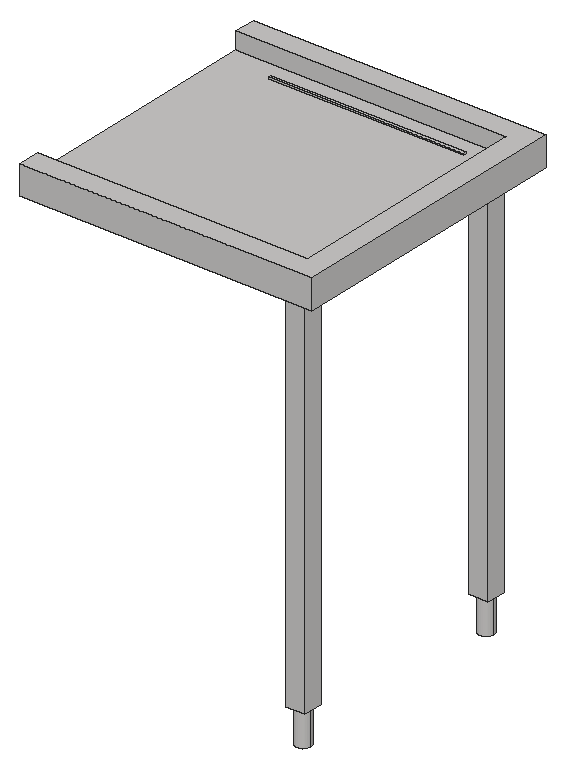
Revit family "QF_ELECTROLUXPROFESSIONAL_865302_BHHLU06", category Attrezzature speciali, Revit 2020
Family settings
  Quota connettore circolare = Usa diametro
  Tipo di parte = Normale
  Basato su piano di lavoro = No
  Sempre verticale = Sì
  Taglio con vuoti quando caricato = No
  Condiviso = No
  Punto di calcolo locali = No
Parameters (values of type "Standard")
  Weight = 6.00 kg
  Watts = 0 W
  Volts = 0 V
  URL Manufacturer = "https://www.electroluxprofessional.com/"
  URL = "https://www.electroluxprofessional.com/"
  Steam Supply Size = 0 mm
  Steam Supply Minimum Pressure = 0.0 Pa
  Steam Supply Maximum Pressure = 0.0 Pa
  Steam Consumption per Hour = 0
  Refrigeration Suction Line Size = 0 mm
  Refrigeration Liquid Line Size = 0 mm
  Refrigerant Compressor Remote = yes
  Prospetto di default = 0 mm
  Produttore = "Electrolux Professional"
  Phase = 0
  Modello = "BHHLU06"
  Length Actual = 600 mm  # constant formula
  Item Number = "865302"
  Hot Water Size = 0 mm
  Height Actual = 910 mm  # constant formula
  HP = "0 HP"
  Gas Size = 0 mm
  Gas KW = 0
  Gas Input Pressure = 0 W
  Direct Waste Size = 0 mm
  Descrizione = "DW TABLE UNLOADING&LOAD. 600MM-HOOD TYPE"
  Depth Actual = 600 mm  # constant formula
  Cycle = 0 Hz
  Condensate Return Size = 0 mm
  Compressed Air Volume = 0.0 L/s
  Compressed Air Size = 0 mm
  Compressed Air Pressure = 0.0 Pa
  Cold Water Size = 0 mm
  Accessory = yes
Reference planes
  plane 1 "Back": y = 0
  plane 2: z = 0
  plane 3 "Left": x = 0
Forms (mm)
  Extrusion 1, solid, material "QF_Finishes_Stainless Steel"
    sketch origin (0, 0, 704.604) x (1, 0, 0) y (0, 1, 0)
      loop
        line (0, 0) -> (0, -600) -> (600, -600) -> (600, 0) -> (0, 0)
    from 145.396 to 205.396
  Extrusion 2, void
    sketch origin (-200, 0, 0.958) x (1, 0, 0) y (0, 1, 0)
      loop
        line (200, -45) -> (200, -555) -> (755, -555) -> (755, -45) -> (200, -45)
    from 874.042 to 909.042
  Extrusion 3, solid, material "QF_Finishes_Stainless Steel"
    sketch origin (-180, 0, 150) x (1, 0, 0) y (0, 1, 0)
      loop
        line (730, -45) -> (690, -45) -> (690, -85) -> (730, -85) -> (730, -45)
    from -80 to 700
  Extrusion 4, solid, material "QF_Finishes_Stainless Steel"
    sketch origin (-180, -470, 129.575) x (1, 0, 0) y (0, 1, 0)
      loop
        line (730, -45) -> (690, -45) -> (690, -85) -> (730, -85) -> (730, -45)
    from -59.575 to 720.425
  Extrusion 5, solid, material "QF_Finishes_Stainless Steel"
    sketch origin (-180, 0, 0) x (1, 0, 0) y (0, 1, 0)
      loop
        circle (710, -65) r 16
    from 0 to 70
  Extrusion 6, solid, material "QF_Finishes_Stainless Steel"
    sketch origin (-180, -470, 0) x (1, 0, 0) y (0, 1, 0)
      loop
        circle (710, -65) r 16
    from 0 to 70
  Extrusion 7, solid, material "QF_Finishes_Stainless Steel"
    sketch origin (-47.046, 0, 0) x (1, 0, 0) y (0, 1, 0)
      loop
        line (147.046, -80.302) -> (147.046, -85.302) -> (547.046, -85.302) -> (547.046, -80.302) -> (147.046, -80.302)
    from 875 to 878
  Extrusion 8, solid, material "QF_Finishes_Stainless Steel"
    sketch origin (-47.046, -600, 0) x (1, 0, 0) y (0, 1, 0)
      loop
        line (147.046, 80.302) -> (547.046, 80.302) -> (547.046, 85.302) -> (147.046, 85.302) -> (147.046, 80.302)
    from 875 to 878
Cuts and joins
  Extrusion 2 cuts Extrusion 1
Dimensions and locks
  Extrusion 1 to Extrusion 1 = 60 mm
  equal spacing: Extrusion 1, Extrusion 2 sketch curve, Extrusion 2 sketch curve, Extrusion 1
  equal spacing: Extrusion 1, Extrusion 2 sketch curve, Extrusion 1
  Extrusion 2 to Extrusion 2 = 35 mm
  Extrusion 2 to level = 910 mm
  Extrusion 2 to Extrusion 1 = 600 mm
  Extrusion 1 to Extrusion 1 = 600 mm
  aligned and locked: level to plane 2
